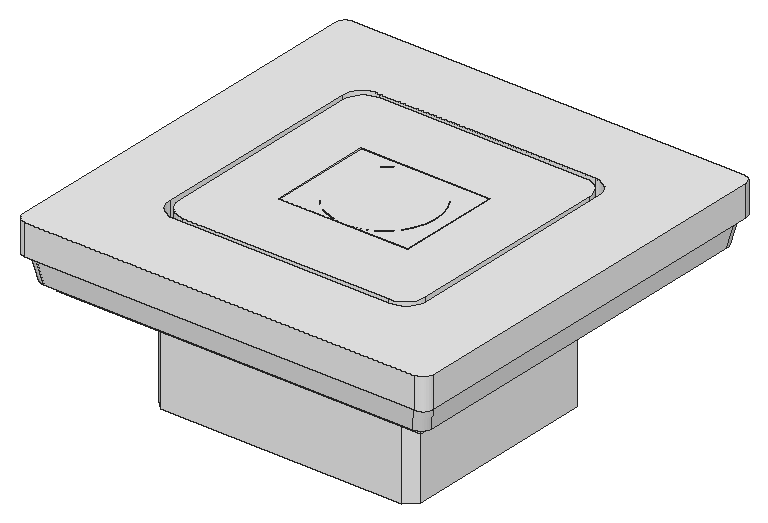
Revit family "1ICON2_RT_24V_In-wall_RFA", category Data Devices, host Face, Revit 2019
Family settings
  Host = Face
  Maintain Annotation Orientation = Yes
  Round Connector Dimension = Use Diameter
  Part Type = Normal
  Cut with Voids When Loaded = No
  Shared = No
  Room Calculation Point = No
Parameters (values of type "Icon2_RT_24V_In-wall_80x80_088U2125")
  dY2D [instance] = 0 mm
  dX2D [instance] = 0 mm
  ang2D_Vert [instance] = 0.00°
  ang2D_Hori [instance] = 0.00°
  ang2D [instance] = 0.00°
  Z2 = 23.5 mm
  Z1 = 25 mm
  XZ = 20 mm
  XS = 25 mm
  X1 = 25.5 mm
  WW = 10 mm
  WB = 5 mm
  W2D = 0 mm
  W1__ve = -W1  # -6 mm
  W1 = 6 mm
  Voltage = 24 V  # constant formula
  URL = "https://store.danfoss.com/en/Climate-Solutions-for-heating/Hydronic-floor-heating/Room-controls/c/4212?q=%3Arelevance%3Adanfoss_producttypehierarchydesc%3Af86fb3bbf8c2fa3cc6c9611432fd56a19a22df68%3Adanfoss_a2465409485%3ATA9_2488487&text="
  SketchPlaneIDs = "10482;153b746f-b00a-47b6-946a-48530699bbd5-000028f2"
  RN1 = 4 mm
  RN = 2 mm
  Power Supply = "24 VDC"  # constant formula
  Power Consumption = "0.2 W"  # constant formula
  Power = 0.2 VA  # constant formula
  Model Type = "Icon2_RT_24V_In-wall_80x80"
  Model = "088U2125"
  Manufacturer = "Danfoss"  # constant formula
  LOD 350 = not(LOD 200)  # yes
  LOD 200 = no
  L2D = 0 mm
  L2 = 40 mm
  L = 80 mm
  KR3 = 10.7 mm
  KR2 = 12.7 mm
  KR1 = 14.7 mm
  KR = 15 mm
  IfcExportType = "ICON2_RT_24V"  # constant formula
  IfcExportAs = "IfcElectricApplianceType"  # constant formula
  IP Rating = "IP 21"  # constant formula
  H2 = 40 mm
  H = 80 mm
  Description = "Main Controller and Room Thermostat"  # constant formula
  Default Elevation = 0 mm
  Body Material = Danfoss Plastic White
  BP = 71 mm
Types (2, lengths in mm): name | Model Type | Model | L2 | L | H2 | H | BP
  Icon2_RT_24V_In-wall_86x86_088U2126 | "Icon2_RT_24V_In-wall_86x86" | "088U2126" | 43 | 86 | 43 | 86 | 80
  Icon2_RT_24V_In-wall_80x80_088U2125 | "Icon2_RT_24V_In-wall_80x80" | "088U2125" | 40 | 80 | 40 | 80 | 71
Reference planes
  plane 1 "Center (Front/Back)": y = 0
  plane 2 "XYPLANE": z = 0
  plane 3 "Center (Left/Right)": x = 0
  plane 4 "62": y = -23
  plane 5 "61": x = 23.5
  plane 6 "60": x = -23.5
  plane 7 "59": x = 15.5
  plane 8 "58": x = -15.5
  plane 9 "57": y = 15
  plane 10 "56": y = -25
  plane 11 "55": y = 25
  plane 12 "54": x = 25.5
  plane 13 "53": x = -25.5
  plane 14 "35": x = -38
  plane 15 "34": x = 38
  plane 16 "33": y = -38
  plane 17 "32": y = 38
  plane 18 "31": y = -39
  plane 19 "30": y = 39
  plane 20 "29": x = 39
  plane 21 "28": x = -39
  plane 22 "27": z = -1
  plane 23 "26": z = 4
  plane 24 "22": x = -24
  plane 25 "21": x = 24
  plane 26 "20": y = -24
  plane 27 "19": y = 24
  plane 28 "17": x = -25
  plane 29 "16": x = 25
  plane 30 "15": y = -25
  plane 31 "14": y = 25
  plane 32 "11": x = 40
  plane 33 "10": x = -40
  plane 34 "9": y = -40
  plane 35 "8": y = 40
  plane 36 "7": z = 10
  plane 37 "5": z = 0
  plane 38 "4": x = 0
  plane 39 "3": y = 0
  plane 40: z = -24
Forms (mm)
  Extrusion 1, solid, material "Danfoss Plastic White" <- "Body Material", visible <- "LOD 350", detail levels fine
    sketch origin (-750, 0, 10) x (1, 0, 0) y (0, 1, 0)
      loop
        line (737.5, 10) -> (737.5, -10) -> (762.5, -10) -> (762.5, 10) -> (737.5, 10)
    from 0 to -2
  Extrusion 2, solid, material "Danfoss Plastic White" <- "Body Material", visible <- "LOD 350", detail levels fine
    sketch origin (-750, 0, -1) x (1, 0, 0) y (0, 1, 0)
      loop
        line (773.5, -25) -> (775.5, -23) -> (775.5, 15) -> (765.5, 25) -> (734.5, 25) -> (724.5, 15) -> (724.5, -23) -> (726.5, -25) -> (773.5, -25)
    from 0 to -23
  Extrusion 3, solid, material "Danfoss Plastic White" <- "Body Material", visible <- "LOD 350", detail levels fine
    sketch origin (-750, 0, -1) x (1, 0, 0) y (0, 1, 0)
      loop
        line (714.5, -35.5) -> (785.5, -35.5) -> (785.5, 35.5) -> (714.5, 35.5) -> (714.5, -35.5)
    from 0 to -2
  Blend 4, solid, material "Danfoss Plastic White" <- "Body Material", visible <- "LOD 350", detail levels fine
    base sketch origin (-750, 0, 4) x (1, 0, 0) y (0, 1, 0)
      loop
        arc (787, -39) -> (788.414, -38.414) -> (789, -37) r 2
        line (789, -37) -> (789, 37)
        arc (789, 37) -> (788.414, 38.414) -> (787, 39) r 2
        line (787, 39) -> (713, 39)
        arc (713, 39) -> (711.586, 38.414) -> (711, 37) r 2
        line (711, 37) -> (711, -37)
        arc (711, -37) -> (711.586, -38.414) -> (713, -39) r 2
        line (713, -39) -> (787, -39)
    top sketch origin (-750, 0, 4) x (1, 0, 0) y (0, 1, 0)
      loop
        arc (786, -38) -> (787.414, -37.414) -> (788, -36) r 2
        line (788, -36) -> (788, 36)
        arc (788, 36) -> (787.414, 37.414) -> (786, 38) r 2
        line (786, 38) -> (714, 38)
        arc (714, 38) -> (712.586, 37.414) -> (712, 36) r 2
        line (712, 36) -> (712, -36)
        arc (712, -36) -> (712.586, -37.414) -> (714, -38) r 2
        line (714, -38) -> (786, -38)
    from 0 to -5
  Extrusion 5, solid, material "Danfoss Plastic White" <- "Body Material", visible <- "LOD 350", detail levels fine
    sketch origin (-750, 0, 10) x (1, 0, 0) y (0, 1, 0)
      loop
        arc (770, -24) -> (772.828, -22.828) -> (774, -20) r 4
        line (774, -20) -> (774, 20)
        arc (774, 20) -> (772.828, 22.828) -> (770, 24) r 4
        line (770, 24) -> (730, 24)
        arc (730, 24) -> (727.172, 22.828) -> (726, 20) r 4
        line (726, 20) -> (726, -20)
        arc (726, -20) -> (727.172, -22.828) -> (730, -24) r 4
        line (730, -24) -> (770, -24)
      loop
        line (737.5, 10) -> (737.5, -10) -> (762.5, -10) -> (762.5, 10) -> (737.5, 10)
    from 0 to -2
  Extrusion 6, solid, material "Danfoss Plastic White" <- "Body Material", visible <- "LOD 350", detail levels fine
    sketch origin (-750, 0, 10) x (1, 0, 0) y (0, 1, 0)
      loop
        arc (788, -40) -> (789.414, -39.414) -> (790, -38) r 2
        line (790, -38) -> (790, 38)
        arc (790, 38) -> (789.414, 39.414) -> (788, 40) r 2
        line (788, 40) -> (712, 40)
        arc (712, 40) -> (710.586, 39.414) -> (710, 38) r 2
        line (710, 38) -> (710, -38)
        arc (710, -38) -> (710.586, -39.414) -> (712, -40) r 2
        line (712, -40) -> (788, -40)
      loop
        arc (771, -25) -> (773.828, -23.828) -> (775, -21) r 4
        line (775, -21) -> (775, 21)
        arc (775, 21) -> (773.828, 23.828) -> (771, 25) r 4
        line (771, 25) -> (729, 25)
        arc (729, 25) -> (726.172, 23.828) -> (725, 21) r 4
        line (725, 21) -> (725, -21)
        arc (725, -21) -> (726.172, -23.828) -> (729, -25) r 4
        line (729, -25) -> (771, -25)
    from 0 to -6 <- "W1__ve"
  Extrusion 7, solid, material "Danfoss Plastic White" <- "Body Material", visible <- "LOD 350", detail levels fine
    sketch origin (-750, 0, 0) x (1, 0, 0) y (0, 1, 0)
      loop
        circle (750, 0) r 10
    from 0 to 10
  Extrusion 8, solid, material "Danfoss Plastic White" <- "Body Material", visible <- "LOD 200", detail levels fine
    sketch origin (-750, 0, -1) x (1, 0, 0) y (0, 1, 0)
      loop
        line (724.5, 25) -> (724.5, -25) -> (775.5, -25) -> (775.5, 25) -> (724.5, 25)
    from -2 to -23
  Extrusion 9, solid, material "Danfoss Plastic White" <- "Body Material", visible <- "LOD 200", detail levels fine
    sketch origin (-750, 0, 10) x (1, 0, 0) y (0, 1, 0)
      loop
        line (710, 40) -> (710, -40) -> (790, -40) -> (790, 40) -> (710, 40)
    from 0 to -13
  Extrusion 10, solid, material "Danfoss Plastic White" <- "Body Material", detail levels coarse+medium
    sketch origin (-750, 0, -1) x (1, 0, 0) y (0, 1, 0)
      loop
        line (710, -40) -> (790, -40) -> (790, 40) -> (710, 40) -> (710, -40)
    from 0 to 11
Lines and regions (mm)
  reference lines
    curve 1: line (0, 0, 0) -> (1120, 0, 0)
    curve 2: line (0, 0, 0) -> (0, -800, 0)
    curve 3: line (0, 0, 0) -> (0, -1015.215, 0)
    curve 4: circle (0, 0, 10) r 1 normal (0, 0, -1)
    curve 5: circle (0, 0, -1) r 1 normal (0, 0, -1)
    curve 6: circle (0, 0, 10) r 1 normal (0, 0, -1)
Dimensions and locks
  locked: plane 10 "56" to plane 4 "62" at 2
  locked: plane 12 "54" to plane 5 "61" at 2
  locked: plane 13 "53" to plane 6 "60" at 2
  locked: plane 12 "54" to plane 7 "59" at 10
  locked: plane 13 "53" to plane 8 "58" at 10
  locked: plane 11 "55" to plane 9 "57" at 10
  "Z1": plane 1 "Center (Front/Back)" to plane 10 "56"
  "Z1": plane 1 "Center (Front/Back)" to plane 11 "55"
  "X1": plane 3 "Center (Left/Right)" to plane 12 "54"
  "X1": plane 3 "Center (Left/Right)" to plane 13 "53"
  locked: plane 21 "28" to plane 14 "35" at 1
  locked: plane 20 "29" to plane 15 "34" at 1
  locked: plane 18 "31" to plane 16 "33" at 1
  locked: plane 19 "30" to plane 17 "32" at 1
  locked: plane 34 "9" to plane 18 "31" at 1
  locked: plane 35 "8" to plane 19 "30" at 1
  locked: plane 32 "11" to plane 20 "29" at 1
  locked: plane 33 "10" to plane 21 "28" at 1
  "WB": plane 23 "26" to plane 22 "27"
  "W1": plane 36 "7" to plane 23 "26"
  locked: plane 28 "17" to plane 24 "22" at 1
  locked: plane 29 "16" to plane 25 "21" at 1
  locked: plane 30 "15" to plane 26 "20" at 1
  locked: plane 31 "14" to plane 27 "19" at 1
  "Z1": plane 3 "Center (Left/Right)" to plane 28 "17"
  "Z1": plane 3 "Center (Left/Right)" to plane 29 "16"
  "Z1": plane 1 "Center (Front/Back)" to plane 30 "15"
  "Z1": plane 1 "Center (Front/Back)" to plane 31 "14"
  "L2": plane 3 "Center (Left/Right)" to plane 32 "11"
  "L2": plane 3 "Center (Left/Right)" to plane 33 "10"
  "H2": plane 1 "Center (Front/Back)" to plane 34 "9"
  "H2": plane 1 "Center (Front/Back)" to plane 35 "8"
  "WW": plane 2 "XYPLANE" to plane 36 "7"
  locked: plane 2 "XYPLANE" to plane 37 "5" at 0
  locked: plane 3 "Center (Left/Right)" to plane 38 "4"
  locked: plane 1 "Center (Front/Back)" to plane 39 "3"
  equal spacing: Extrusion 1 sketch curve, curve 4, Extrusion 1 sketch curve  (x2)
  "XZ": Extrusion 1 sketch curve to Extrusion 1 sketch curve
  "XS": Extrusion 1 sketch curve to Extrusion 1 sketch curve
  Extrusion 1 sketch curve to Extrusion 1 sketch curve = 0 mm  (x8)
  Extrusion 2 sketch curve to Extrusion 2 sketch curve = 0 mm  (x16)
  equal spacing: Extrusion 3 sketch curve, curve 5, Extrusion 3 sketch curve  (x2)
  "BP": Extrusion 3 sketch curve to Extrusion 3 sketch curve  (x2)
  Extrusion 3 sketch curve to Extrusion 3 sketch curve = 0 mm  (x8)
  Blend 4 sketch curve to Blend 4 sketch curve = 0 mm  (x32)
  equal spacing: Extrusion 5 sketch curve, curve 6, Extrusion 5 sketch curve  (x2)
  "XZ": Extrusion 5 sketch curve to Extrusion 5 sketch curve
  "XS": Extrusion 5 sketch curve to Extrusion 5 sketch curve
  Extrusion 5 sketch curve to Extrusion 5 sketch curve = 0 mm  (x24)
  Extrusion 6 sketch curve to Extrusion 6 sketch curve = 0 mm  (x32)
  plane 35 "8" to plane 34 "9" = 80 mm
  plane 33 "10" to plane 32 "11" = 80 mm
  plane 36 "7" to plane 22 "27" = 11 mm
  plane 22 "27" to plane 40 = 23 mm
  plane 23 "26" to plane 22 "27" = 5 mm
  plane 34 "9" to plane 35 "8" = 80 mm
  radius of Blend 4 sketch curve = 2 mm  (x8)
  "RN1": radius of Extrusion 5 sketch curve  (x4)
  "RN": radius of Extrusion 6 sketch curve  (x4)
  "RN1": radius of Extrusion 6 sketch curve  (x4)
  "ang2D_Hori": angle plane 1 "Center (Front/Back)" to curve 1
  locked: curve 2 to curve 1 (angle 90.00°)
  "ang2D_Vert": angle curve 2 to curve 3
  aligned and locked: plane 2 "XYPLANE" to host face
  aligned and locked: level to host face
  aligned and locked: plane 1 "Center (Front/Back)" to curve 1
  aligned and locked: plane 3 "Center (Left/Right)" to curve 1
  aligned and locked: plane 38 "4" to curve 4
  aligned and locked: plane 39 "3" to curve 4
  aligned and locked: plane 10 "56" to Extrusion 2 sketch curve  (x2)
  aligned and locked: plane 5 "61" to Extrusion 2 sketch curve
  aligned and locked: plane 6 "60" to Extrusion 2 sketch curve
  aligned and locked: plane 4 "62" to Extrusion 2 sketch curve  (x2)
  aligned and locked: plane 13 "53" to Extrusion 2 sketch curve  (x2)
  aligned and locked: plane 9 "57" to Extrusion 2 sketch curve  (x2)
  aligned and locked: plane 8 "58" to Extrusion 2 sketch curve
  aligned and locked: plane 11 "55" to Extrusion 2 sketch curve  (x2)
  aligned and locked: plane 7 "59" to Extrusion 2 sketch curve
  aligned and locked: plane 12 "54" to Extrusion 2 sketch curve  (x2)
  aligned and locked: plane 38 "4" to curve 5
  aligned and locked: plane 39 "3" to curve 5
  aligned and locked: plane 15 "34" to Blend 4 sketch curve
  aligned and locked: plane 17 "32" to Blend 4 sketch curve
  aligned and locked: Blend 4 sketch curve to plane 14 "35"
  aligned and locked: Blend 4 sketch curve to plane 16 "33"
  aligned and locked: plane 20 "29" to Blend 4 sketch curve
  aligned and locked: plane 19 "30" to Blend 4 sketch curve
  aligned and locked: Blend 4 sketch curve to plane 21 "28"
  aligned and locked: Blend 4 sketch curve to plane 18 "31"
  aligned and locked: Blend 4 to plane 22 "27"
  aligned and locked: plane 25 "21" to Extrusion 5 sketch curve
  aligned and locked: plane 27 "19" to Extrusion 5 sketch curve
  aligned and locked: Extrusion 5 sketch curve to plane 24 "22"
  aligned and locked: Extrusion 5 sketch curve to plane 26 "20"
  aligned and locked: plane 38 "4" to curve 6
  aligned and locked: plane 39 "3" to curve 6
  aligned and locked: plane 32 "11" to Extrusion 6 sketch curve
  aligned and locked: plane 35 "8" to Extrusion 6 sketch curve
  aligned and locked: Extrusion 6 sketch curve to plane 33 "10"
  aligned and locked: Extrusion 6 sketch curve to plane 34 "9"
  aligned and locked: plane 29 "16" to Extrusion 6 sketch curve
  aligned and locked: plane 31 "14" to Extrusion 6 sketch curve
  aligned and locked: Extrusion 6 sketch curve to plane 28 "17"
  aligned and locked: Extrusion 6 sketch curve to plane 30 "15"
  aligned and locked: plane 38 "4" to Extrusion 7 sketch curve
  aligned and locked: plane 39 "3" to Extrusion 7 sketch curve
  aligned and locked: Extrusion 8 sketch curve to plane 13 "53"
  aligned and locked: Extrusion 8 sketch curve to plane 31 "14"
  aligned and locked: Extrusion 8 sketch curve to plane 12 "54"
  aligned and locked: Extrusion 8 sketch curve to plane 30 "15"
  aligned and locked: Extrusion 9 sketch curve to plane 33 "10"
  aligned and locked: Extrusion 9 sketch curve to plane 35 "8"
  aligned and locked: Extrusion 9 sketch curve to plane 32 "11"
  aligned and locked: Extrusion 9 sketch curve to plane 34 "9"
  aligned and locked: Extrusion 10 sketch curve to plane 34 "9"
  aligned and locked: Extrusion 10 sketch curve to plane 33 "10"
  aligned and locked: Extrusion 10 sketch curve to plane 35 "8"
  aligned and locked: Extrusion 10 sketch curve to plane 32 "11"
Automatic sketch dimensions
  host sketch curve to host sketch curve = 2438.4 mm  (x2)
  plane 8 "58" to Extrusion 7 sketch curve = 5.5 mm
  curve 3 to curve 2 = 0 mm  (x2)
  plane 8 "58" to Extrusion 1 sketch curve = 3 mm
  plane 1 "Center (Front/Back)" to Extrusion 1 sketch curve = 10 mm
  plane 14 "35" to Extrusion 3 sketch curve = 2.5 mm
  plane 16 "33" to Extrusion 3 sketch curve = 2.5 mm
  plane 8 "58" to Extrusion 5 sketch curve = 3 mm
  plane 1 "Center (Front/Back)" to Extrusion 5 sketch curve = 10 mm
  radius of curve 4 = 1 mm
  radius of curve 5 = 1 mm
  radius of curve 6 = 1 mm
Connectors
  electrical at (0, 0, 0), driven by "Voltage", driven by "Power"
    settings: on Extrusion 7, index 1, voltage 24 V, apparent load 0.2 VA, apparent load phase1 0 VA, apparent load phase2 0 VA, apparent load phase3 0 VA, power factor 1, load classification "HVAC", number of poles 1, system type 30, power factor state 0, is connector primary yes, connector utility no, sub classification motor no, connector description ""
